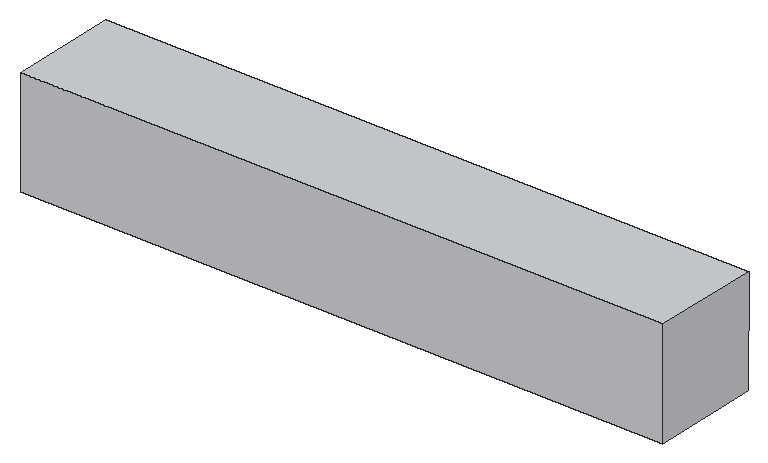
Revit family "KAR_5", category Generic Models, Revit 2019
Family settings
  Can host rebar = No
  Round Connector Dimension = Use Diameter
  Part Type = Normal
  Work Plane-Based = No
  Always vertical = Yes
  Cut with Voids When Loaded = No
  Shared = No
  Room Calculation Point = No
Parameters
  larghezza [instance] = 50 cm
  c_lunghezza = 300 cm
  c_altezzaaterra [instance] = 100 cm
  altezza = 50 cm
Reference planes (cm)
  plane 1 "Center (Front/Back)": y = 0
  plane 2: z = 0
  plane 3 "Center (Left/Right)": x = 0
  plane 4: y = 50
  plane 5: x = 300
  plane 6 "base": z = 100
  plane 7: z = 150
Forms (cm)
  Extrusion 1, solid
    sketch origin (0, 0, 100) x (-1, 0, 0) y (0, -1, 0)
      loop
        line (0, -50) -> (0, 0) -> (-300, 0) -> (-300, -50) -> (0, -50)
    from 0 to 50
Dimensions and locks (cm)
  "larghezza": plane 4 to plane 1 "Center (Front/Back)"
  "c_lunghezza": plane 3 "Center (Left/Right)" to plane 5
  "c_altezzaaterra": plane 6 "base" to level
  "altezza": plane 7 to plane 6 "base"
  aligned and locked: plane 2 to level
  aligned and locked: Extrusion 1 to plane 4
  aligned and locked: Extrusion 1 to plane 3 "Center (Left/Right)"
  aligned and locked: plane 1 "Center (Front/Back)" to Extrusion 1
  aligned and locked: plane 5 to Extrusion 1
  aligned and locked: Extrusion 1 to plane 7
Automatic sketch dimensions
  plane 5 to Extrusion 1 sketch curve = 0 cm
  Extrusion 1 sketch curve to plane 3 "Center (Left/Right)" = 0 cm
  plane 4 to Extrusion 1 sketch curve = 0 cm
  plane 1 "Center (Front/Back)" to Extrusion 1 sketch curve = 0 cm
